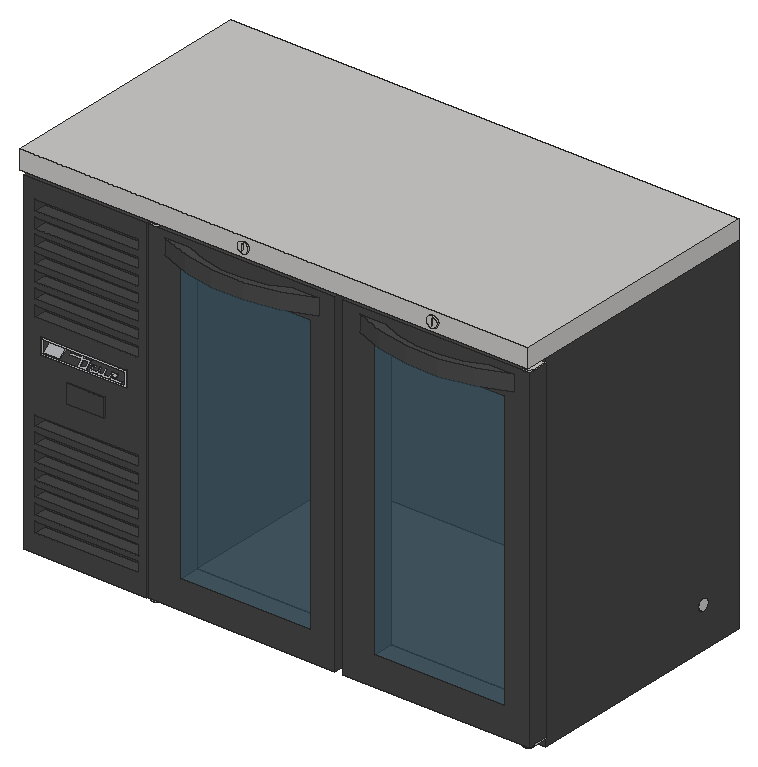
Revit family "QF_TRUE_TBR48-RISZ1-L-B-GG-1", category Specialty Equipment, Revit 2016
Family settings
  Part Type = Normal
  Round Connector Dimension = Use Diameter
  Work Plane-Based = No
  Always vertical = Yes
  Cut with Voids When Loaded = No
  Shared = No
  Room Calculation Point = No
Parameters (values of type "QF_TRUE_TBR48-RISZ1-L-B-GG-1")
  Weight in Pounds = 405
  Watts = if(Phase = 3, Volts * FL Amps * 1.73, Volts * FL Amps)  # 207 W
  Waste Water Discharge Temperature = 0 °F
  Volts = 115 V
  URL Cutsheet = ""
  Steam Supply Volume = 0 GPM
  Steam Supply Size = 0"
  Steam Supply RI Height = 0"
  Steam Supply Minimum Pressure = 0.00 psi
  Steam Supply Maximum Pressure = 0.00 psi
  Steam Supply Connection Height = 0"
  Specification by User = ""
  Specification by Manufacturer = ""
  Show Standard Unit [instance] = yes
  Show Logo [instance] = yes
  Show Leg Levelers [instance] = no
  Show Clearance [instance] = yes
  Show 1 Inch Rollers [instance] = no
  Show Seismic Flange [instance] = no
  Show 6 Inches Legs [instance] = no
  Show 5 Inches Castors [instance] = no
  Show 4 Inches Castors [instance] = no
  Show 3 Inches Castors [instance] = no
  Show 2 Inches Castors [instance] = no
  Serial Number = ""
  Seismic Rating = ""
  SMACNA No = ""
  Revision Code = ""
  Plumbing Remarks = ""
  Plumbing Connection Type = ""
  Phase = 1
  Number of Poles = 1
  NAFEM Spec ID Number = ""
  Model = "TBR48-RISZ1-L-B-GG-1"
  Min Ckt Ampacity = 0 A
  Mechanical Remarks = ""
  Mechanical Connection Type = ""
  Max Overcurrent Protection = 0 A
  Masterspec = ""
  Manufacturer = "TRUE"
  Length = 48"
  Item Number = ""
  Installed By = ""
  Indirect Waste Size = 1/2"
  Indirect Waste Flow = 0 GPM
  Indirect Waste Connection Type = ""
  Indirect Waste Connection Height = 0"
  Identify Quantity as Lot = yes
  Height [instance] = if(Show Standard Unit, 34 11/16", if(Show Leg Levelers, 34 15/16", if(Show 1 Inch Rollers, 35 9/16", if(Show 2 Inches Castors, 37 9/16", if(Show 3 Inches Castors, 38 9/16", if(Show 4 Inches Castors, 39 3/4", if(Show 5 Inches Castors, 40 3/4", if(Show 6 Inches Legs, 40 11/16", if(Show Seismic Flange, 40 11/16", 34 11/16")))))))))  # 34 11/16"
  HP = "1/4"
  Furnished By = ""
  Foodservice Equipment Identifier = yes
  FL Amps = 1.8 A
  Electrical Remarks = ""
  Electric Connection Type = ""
  Elec Conn RI Height = 0"
  Elec Conn Connection Height = 0"
  Description = "REACH-IN SINGLE ZONE REFRIGERATOR WITH LEFT SIDE REFRIGERATION SYSTEM. BLACK EXTERIOR AND GLASS SWING DOORS"
  Depth = 26 3/8"
  Cycle = 60 Hz
  Conn Plug = "NEMA 5-15P"
  Conn Conduit = yes
  Condensate Return Size = 1/2"
  Condensate Return RI Height = 0"
  Condensate Return Connection Height = 0"
  CSI MasterFormat = ""
  Apparent Power = if(Phase = 3, Volts * FL Amps * 1.73, Volts * FL Amps)  # 207 VA
Reference planes (in)
  plane 1 "BACK": y = 0
  plane 2: z = 0
  plane 3 "LEFT": x = 0
  plane 4 "RIGHT": x = 48
  plane 5 "FRONT": y = -26.375
  plane 6 "TOP": z = 34.6875
  plane 7 "Center Y": x = 24
  plane 8 "Center X": y = -13.1875
  plane 9: z = 32.9375
  plane 10: z = 0.78125
  plane 11: z = 32.46875
  plane 12: y = -41.59375
  plane 13: y = -24.84375
  plane 14: y = -24.65625
  plane 15: z = 0
  plane 16: x = 4.023
  plane 17: x = 43.977
Dimensions and locks (in)
  equal spacing: plane 3 "LEFT", plane 7 "Center Y", plane 4 "RIGHT"
  "Length": plane 3 "LEFT" to plane 4 "RIGHT"
  equal spacing: plane 5 "FRONT", plane 8 "Center X", plane 1 "BACK"
  "Depth": plane 5 "FRONT" to plane 1 "BACK"
  "Height": plane 6 "TOP" to level
  plane 3 "LEFT" to plane 4 "RIGHT" = 48"
  plane 6 "TOP" to plane 9 = 1 3/4"
  plane 10 to plane 2 = 25/32"
  plane 11 to plane 10 = 31 11/16"
  plane 6 "TOP" to plane 11 = 2 7/32"
  plane 12 to plane 1 "BACK" = 41 19/32"
  plane 5 "FRONT" to plane 1 "BACK" = 26 3/8"
  plane 13 to plane 1 "BACK" = 24 27/32"
  plane 14 to plane 1 "BACK" = 24 21/32"
  plane 1 "BACK" to plane 13 = 24 27/32"
  locked: plane 6 "TOP" to plane 15 at 34.6875
  aligned and locked: level to plane 2
  aligned and locked: plane 3 "LEFT" to nested 2
  aligned and locked: plane 1 "BACK" to nested 2
  aligned and locked: plane 6 "TOP" to nested 2
Nested families (in)
  nested 1: "CASTORS & LEGS" at (4, -4, 0), Show 3 Inches Castors <- "Show 3 Inches Castors", Show 4 Inches Castors <- "Show 4 Inches Castors", Show Legs <- "Show 6 Inches Legs", Show Legs with Flandge <- "Show Seismic Flange", Show 2 Inches Castors <- "Show 2 Inches Castors", Show 5 Inches Castors <- "Show 5 Inches Castors", Show Leg Levelers <- "Show Leg Levelers", Show 1 Inch Rollers <- "Show 1 Inch Rollers", type "CASTORS & LEGS"
    with Type Mark "", Status "", Specification by User "", Show Legs with Flandge no, Show Legs no, Show Leg Levelers no, Show 5 Inches Castors no, Show 4 Inches Castors no, Show 3 Inches Castors no, Show 2 Inches Castors no, Show 1 Inch Rollers no, Revision Code "", Item Number "", Installed By "", Identify Quantity as Lot yes, Furnished By "", Foodservice Equipment Identifier yes
  nested 2: "TBR48-RISZ1-L-B-GG-1" at (0, 0, 0), Show Logo <- "Show Logo", Show Clearance <- "Show Clearance", type "TBR48-RISZ1-L-B-GG-1"
    with Show Logo yes, Show Clearance yes
  nested 3: "CASTORS & LEGS" at (4, -18.75, 0), Show 3 Inches Castors <- "Show 3 Inches Castors", Show 4 Inches Castors <- "Show 4 Inches Castors", Show Legs <- "Show 6 Inches Legs", Show Legs with Flandge <- "Show Seismic Flange", Show 2 Inches Castors <- "Show 2 Inches Castors", Show 5 Inches Castors <- "Show 5 Inches Castors", Show Leg Levelers <- "Show Leg Levelers", Show 1 Inch Rollers <- "Show 1 Inch Rollers", type "CASTORS & LEGS"
    with Type Mark "", Status "", Specification by User "", Show Legs with Flandge no, Show Legs no, Show Leg Levelers no, Show 5 Inches Castors no, Show 4 Inches Castors no, Show 3 Inches Castors no, Show 2 Inches Castors no, Show 1 Inch Rollers no, Revision Code "", Item Number "", Installed By "", Identify Quantity as Lot yes, Furnished By "", Foodservice Equipment Identifier yes
  nested 4: "CASTORS & LEGS" at (43.954, -4, 0), Show 3 Inches Castors <- "Show 3 Inches Castors", Show 4 Inches Castors <- "Show 4 Inches Castors", Show Legs <- "Show 6 Inches Legs", Show Legs with Flandge <- "Show Seismic Flange", Show 2 Inches Castors <- "Show 2 Inches Castors", Show 5 Inches Castors <- "Show 5 Inches Castors", Show Leg Levelers <- "Show Leg Levelers", Show 1 Inch Rollers <- "Show 1 Inch Rollers", type "CASTORS & LEGS"
    with Type Mark "", Status "", Specification by User "", Show Legs with Flandge no, Show Legs no, Show Leg Levelers no, Show 5 Inches Castors no, Show 4 Inches Castors no, Show 3 Inches Castors no, Show 2 Inches Castors no, Show 1 Inch Rollers no, Revision Code "", Item Number "", Installed By "", Identify Quantity as Lot yes, Furnished By "", Foodservice Equipment Identifier yes
  nested 5: "CASTORS & LEGS" at (43.954, -18.75, 0), Show 3 Inches Castors <- "Show 3 Inches Castors", Show 4 Inches Castors <- "Show 4 Inches Castors", Show Legs <- "Show 6 Inches Legs", Show Legs with Flandge <- "Show Seismic Flange", Show 2 Inches Castors <- "Show 2 Inches Castors", Show 5 Inches Castors <- "Show 5 Inches Castors", Show Leg Levelers <- "Show Leg Levelers", Show 1 Inch Rollers <- "Show 1 Inch Rollers", type "CASTORS & LEGS"
    with Type Mark "", Status "", Specification by User "", Show Legs with Flandge no, Show Legs no, Show Leg Levelers no, Show 5 Inches Castors no, Show 4 Inches Castors no, Show 3 Inches Castors no, Show 2 Inches Castors no, Show 1 Inch Rollers no, Revision Code "", Item Number "", Installed By "", Identify Quantity as Lot yes, Furnished By "", Foodservice Equipment Identifier yes
Connectors (in)
  electrical at (6, 0.25, 18), driven by "Volts", driven by "Watts"
    settings: on nested 2, index 5, voltage 115 V, apparent load 207 VA, apparent load phase1 0 VA, apparent load phase2 0 VA, apparent load phase3 0 VA, power factor 1, load classification "Other", number of poles 1, system type 30, power factor state 1, is connector primary yes, connector utility no, sub classification motor no, connector description ""
  piping at (38.5, -4.34375, 0), diameter 0.5, driven by "Indirect Waste Size"
    settings: on nested 2, index 6, connector inside diameter 24", connector length 0", flow factor 0, pipe flow 0 GPM, pressure drop 0.00 psi, fitting loss kfactor 0, connector angle 0.00°, fixture units 0, engagement length 0", angle of deflection 0.00°, flow configuration 1, flow direction 2, fitting loss method 0, system type 16, joint type 0, gender type 0, connector reference index -1, connector utility 0, adjustable connector no, is connector primary yes, connector description "DRAIN"
  piping at (16.75, -4.96875, 0), diameter 0.5, driven by "Indirect Waste Size"
    settings: on nested 2, index 7, connector inside diameter 24", connector length 0", flow factor 0, pipe flow 0 GPM, pressure drop 0.00 psi, fitting loss kfactor 0, connector angle 0.00°, fixture units 0, engagement length 0", angle of deflection 0.00°, flow configuration 1, flow direction 2, fitting loss method 0, system type 16, joint type 0, gender type 0, connector reference index -1, connector utility 0, adjustable connector no, is connector primary no, connector description "FLOOR ACCESS"
  piping at (48.125, -4.3125, 3.96875), diameter 0.5, driven by "Condensate Return Size"
    settings: on nested 2, index 8, connector inside diameter 24", connector length 0", flow factor 0, pipe flow 0 GPM, pressure drop 0.00 psi, fitting loss kfactor 0, connector angle 0.00°, fixture units 0, engagement length 0", angle of deflection 0.00°, flow configuration 1, flow direction 1, fitting loss method 0, system type 7, joint type 0, gender type 0, connector reference index -1, connector utility 0, adjustable connector no, is connector primary no, connector description "CONDENSING UNIT"
Definition of nested family "TBR48-RISZ1-L-B-GG-1"
  Parameters (values of type "TBR48-RISZ1-L-B-GG-1")
    Weight in Pounds = 405
    Watts = if(Phase = 3, Volts * FL Amps * 1.73, Volts * FL Amps)  # 207 W
    Waste Water Discharge Temperature = 0 °F
    Volts = 115 V
    URL Cutsheet = ""
    Steam Supply Volume = 0 GPM
    Steam Supply Size = 0"
    Steam Supply RI Height = 0"
    Steam Supply Minimum Pressure = 0.00 psi
    Steam Supply Maximum Pressure = 0.00 psi
    Steam Supply Connection Height = 0"
    Specification by User = ""
    Specification by Manufacturer = ""
    Show Logo [instance] = yes
    Show Clearance [instance] = yes
    Serial Number = ""
    Seismic Rating = ""
    SMACNA No = ""
    Revision Code = ""
    Plumbing Remarks = ""
    Plumbing Connection Type = ""
    Phase = 1
    Number of Poles = 1
    NAFEM Spec ID Number = ""
    Model = "TBR48-RISZ1-L-B-GG-1"
    Min Ckt Ampacity = 0 A
    Mechanical Remarks = ""
    Mechanical Connection Type = ""
    Max Overcurrent Protection = 0 A
    Masterspec = ""
    Manufacturer = "TRUE"
    Length = 48"
    Item Number = ""
    Installed By = ""
    Indirect Waste Size = 1/2"
    Indirect Waste Flow = 0 GPM
    Indirect Waste Connection Type = ""
    Indirect Waste Connection Height = 0"
    Identify Quantity as Lot = yes
    Height = 34 11/16"
    HP = "1/4"
    Furnished By = ""
    Foodservice Equipment Identifier = yes
    FL Amps = 1.8 A
    Electrical Remarks = ""
    Electric Connection Type = ""
    Elec Conn RI Height = 0"
    Elec Conn Connection Height = 0"
    Description = "REACH-IN SINGLE ZONE REFRIGERATOR WITH LEFT SIDE REFRIGERATION SYSTEM. BLACK EXTERIOR AND GLASS SWING DOORS"
    Depth = 26 3/8"
    Cycle = 60 Hz
    Conn Plug = "NEMA 5-15P"
    Conn Conduit = yes
    Condensate Return Size = 1/2"
    Condensate Return RI Height = 0"
    Condensate Return Connection Height = 0"
    CSI MasterFormat = ""
    Apparent Power = if(Phase = 3, Volts * FL Amps * 1.73, Volts * FL Amps)  # 207 VA
  Reference planes (in)
    plane 1 "BACK": y = 0
    plane 2: z = 0
    plane 3 "LEFT": x = 0
    plane 4 "RIGHT": x = 48
    plane 5 "FRONT": y = -26.375
    plane 6 "TOP": z = 34.6875
    plane 7 "Center Y": x = 24
    plane 8 "Center X": y = -13.1875
    plane 9: z = 32.9375
    plane 10: z = 0.78125
    plane 11: z = 32.46875
    plane 12: y = -41.59375
    plane 13: y = -24.84375
    plane 14: y = -24.65625
  Forms (in)
    Extrusion 1, solid
      sketch origin (0, 0, 0) x (0, 1, 0) y (0, 0, 1)
        loop
          line (-24.84375, 34.6875) -> (-24.84375, 32.9375) -> (0, 32.9375) -> (0, 34.6875) -> (-24.84375, 34.6875)
      from 0 to 48
    Extrusion 2, solid
      sketch origin (0, 0, 0) x (1, 0, 0) y (0, 0, 1)
        loop
          line (0, 32.9375) -> (0, 0) -> (48, 0) -> (48, 32.9375) -> (0, 32.9375)
        loop
          line (12, 32.46875) -> (12, 0.78125) -> (47.875, 0.78125) -> (47.875, 32.46875) -> (12, 32.46875)
      from 0 to 22.75
    Extrusion 3, solid
      sketch origin (0, 0, 0) x (-1, 0, 0) y (0, 0, 1)
        loop
          line (-12, 32.46875) -> (-47.875, 32.46875) -> (-47.875, 0.78125) -> (-12, 0.78125) -> (-12, 32.46875)
      from 0 to -2
    Extrusion 4, solid
      sketch origin (0, -22.75, 0) x (1, 0, 0) y (0, 0, 1)
        loop
          line (0.20313, 0.78125) -> (11.79688, 0.78125) -> (11.79688, 32.46875) -> (0.20313, 32.46875) -> (0.20313, 0.78125)
        loop
          line (1.28286, 30.81709) -> (1.28286, 29.81709) -> (11.03286, 29.81709) -> (11.03286, 30.81709) -> (1.28286, 30.81709)
        loop
          line (1.28286, 29.31709) -> (1.28286, 28.31709) -> (11.03286, 28.31709) -> (11.03286, 29.31709) -> (1.28286, 29.31709)
        loop
          line (1.28286, 27.81709) -> (1.28286, 26.81709) -> (11.03286, 26.81709) -> (11.03286, 27.81709) -> (1.28286, 27.81709)
        loop
          line (1.28286, 26.31709) -> (1.28286, 25.31709) -> (11.03286, 25.31709) -> (11.03286, 26.31709) -> (1.28286, 26.31709)
        loop
          line (1.28286, 24.81709) -> (1.28286, 23.81709) -> (11.03286, 23.81709) -> (11.03286, 24.81709) -> (1.28286, 24.81709)
        loop
          line (1.28286, 21.81709) -> (1.28286, 20.81709) -> (11.03286, 20.81709) -> (11.03286, 21.81709) -> (1.28286, 21.81709)
        loop
          line (1.28286, 23.31709) -> (1.28286, 22.31709) -> (11.03286, 22.31709) -> (11.03286, 23.31709) -> (1.28286, 23.31709)
        loop
          line (1.28286, 12.56709) -> (1.28286, 11.56709) -> (11.03286, 11.56709) -> (11.03286, 12.56709) -> (1.28286, 12.56709)
        loop
          line (1.28286, 11.06709) -> (1.28286, 10.06709) -> (11.03286, 10.06709) -> (11.03286, 11.06709) -> (1.28286, 11.06709)
        loop
          line (1.28286, 9.56709) -> (1.28286, 8.56709) -> (11.03286, 8.56709) -> (11.03286, 9.56709) -> (1.28286, 9.56709)
        loop
          line (1.28286, 8.06709) -> (1.28286, 7.06709) -> (11.03286, 7.06709) -> (11.03286, 8.06709) -> (1.28286, 8.06709)
        loop
          line (1.28286, 6.56709) -> (1.28286, 5.56709) -> (11.03286, 5.56709) -> (11.03286, 6.56709) -> (1.28286, 6.56709)
        loop
          line (1.28286, 3.56709) -> (1.28286, 2.56709) -> (11.03286, 2.56709) -> (11.03286, 3.56709) -> (1.28286, 3.56709)
        loop
          line (1.28286, 5.06709) -> (1.28286, 4.06709) -> (11.03286, 4.06709) -> (11.03286, 5.06709) -> (1.28286, 5.06709)
      from 0.125 to 1.90625
    Extrusion 5, solid
      sketch origin (0, -22.75, 0) x (1, 0, 0) y (0, 0, 1)
        loop
          line (12, 0.78125) -> (29.625, 0.78125) -> (29.625, 32.46875) -> (12, 32.46875) -> (12, 0.78125)
        loop
          line (48, 0.78125) -> (48, 32.46875) -> (30.375, 32.46875) -> (30.375, 0.78125) -> (48, 0.78125)
        loop
          line (15.01987, 29.73137) -> (15.01987, 3.48137) -> (27.26987, 3.48137) -> (27.26987, 29.73137) -> (15.01987, 29.73137)
        loop
          line (33.39487, 29.73137) -> (33.39487, 3.48137) -> (45.64487, 3.48137) -> (45.64487, 29.73137) -> (33.39487, 29.73137)
      from 0 to 1.90625
    Extrusion 6, solid
      sketch origin (0, -22.75, 0) x (1, 0, 0) y (0, 0, 1)
        loop
          line (15.01987, 29.73137) -> (15.01987, 3.48137) -> (27.26987, 3.48137) -> (27.26987, 29.73137) -> (15.01987, 29.73137)
        loop
          line (33.39487, 29.73137) -> (33.39487, 3.48137) -> (45.64487, 3.48137) -> (45.64487, 29.73137) -> (33.39487, 29.73137)
      from 0 to 1.90625
    Extrusion 7, solid
      sketch origin (29, -22.75, 32.46875) x (-1, 0, 0) y (0, -1, 0)
        loop
          arc (15.44956, 1.90625) -> (8.1875, 3.65113) -> (0.92544, 1.90625) r 15.9845
          line (0.92544, 1.90625) -> (3.19585, 1.90625)
          arc (3.19585, 1.90625) -> (8.1875, 3.15287) -> (13.17915, 1.90625) r 10.61701
          line (13.17915, 1.90625) -> (15.44956, 1.90625)
        loop
          arc (-2.92544, 1.90625) -> (-10.1875, 3.65113) -> (-17.44956, 1.90625) r 15.9845
          line (-17.44956, 1.90625) -> (-15.17915, 1.90625)
          arc (-15.17915, 1.90625) -> (-10.1875, 3.15287) -> (-5.19585, 1.90625) r 10.61701
          line (-5.19585, 1.90625) -> (-2.92544, 1.90625)
      from -2.11784 to -0.60631
    Extrusion 8, solid
      sketch origin (0, -24.65625, 0) x (1, 0, 0) y (0, 0, 1)
        loop
          line (4.36462, 16.37472) -> (4.36462, 14.62472) -> (7.86462, 14.62472) -> (7.86462, 16.37472) -> (4.36462, 16.37472)
      from 0 to 0.125
    Extrusion 9, solid
      sketch origin (0, -24.84375, 34.4375) x (0, 0, 1) y (-1, 0, 0)
        loop
          circle (-0.65572, -21.12293) r 0.5
        loop
          line (-0.32569, -21.0603) -> (-0.96744, -21.0603) -> (-0.96744, -21.2) -> (-0.32569, -21.2) -> (-0.32569, -21.0603)
        loop
          circle (-0.65572, -39.02918) r 0.5
        loop
          line (-0.32569, -38.96655) -> (-0.96744, -38.96655) -> (-0.96744, -39.10625) -> (-0.32569, -39.10625) -> (-0.32569, -38.96655)
      from 0 to 0.125
    Extrusion 10, solid
      sketch origin (0, -22.75, 0) x (1, 0, 0) y (0, 0, 1)
        loop
          line (1.28286, 30.81709) -> (1.28286, 29.81709) -> (11.03286, 29.81709) -> (11.03286, 30.81709) -> (1.28286, 30.81709)
        loop
          line (1.28286, 29.31709) -> (1.28286, 28.31709) -> (11.03286, 28.31709) -> (11.03286, 29.31709) -> (1.28286, 29.31709)
        loop
          line (1.28286, 27.81709) -> (1.28286, 26.81709) -> (11.03286, 26.81709) -> (11.03286, 27.81709) -> (1.28286, 27.81709)
        loop
          line (1.28286, 26.31709) -> (1.28286, 25.31709) -> (11.03286, 25.31709) -> (11.03286, 26.31709) -> (1.28286, 26.31709)
        loop
          line (1.28286, 24.81709) -> (1.28286, 23.81709) -> (11.03286, 23.81709) -> (11.03286, 24.81709) -> (1.28286, 24.81709)
        loop
          line (1.28286, 21.81709) -> (1.28286, 20.81709) -> (11.03286, 20.81709) -> (11.03286, 21.81709) -> (1.28286, 21.81709)
        loop
          line (1.28286, 23.31709) -> (1.28286, 22.31709) -> (11.03286, 22.31709) -> (11.03286, 23.31709) -> (1.28286, 23.31709)
        loop
          line (1.28286, 12.56709) -> (1.28286, 11.56709) -> (11.03286, 11.56709) -> (11.03286, 12.56709) -> (1.28286, 12.56709)
        loop
          line (1.28286, 11.06709) -> (1.28286, 10.06709) -> (11.03286, 10.06709) -> (11.03286, 11.06709) -> (1.28286, 11.06709)
        loop
          line (1.28286, 9.56709) -> (1.28286, 8.56709) -> (11.03286, 8.56709) -> (11.03286, 9.56709) -> (1.28286, 9.56709)
        loop
          line (1.28286, 8.06709) -> (1.28286, 7.06709) -> (11.03286, 7.06709) -> (11.03286, 8.06709) -> (1.28286, 8.06709)
        loop
          line (1.28286, 6.56709) -> (1.28286, 5.56709) -> (11.03286, 5.56709) -> (11.03286, 6.56709) -> (1.28286, 6.56709)
        loop
          line (1.28286, 3.56709) -> (1.28286, 2.56709) -> (11.03286, 2.56709) -> (11.03286, 3.56709) -> (1.28286, 3.56709)
        loop
          line (1.28286, 5.06709) -> (1.28286, 4.06709) -> (11.03286, 4.06709) -> (11.03286, 5.06709) -> (1.28286, 5.06709)
      from 0.125 to 0.7394
    Extrusion 11, solid
      sketch origin (48, 0, 0) x (0, 1, 0) y (1, 0, 0)
        loop
          circle (-4.96875, -31.25) r 0.625
        loop
          circle (-4.34375, -9.5) r 0.5
      from 0 to -0.48808
    Extrusion 12, solid
      sketch origin (48, 0, 32.9375) x (0, 0, -1) y (0, 1, 0)
        loop
          circle (28.96875, -4.3125) r 0.5
      from 0 to 0.125
    Extrusion 13, solid
      sketch origin (31, -22.75, 32.46875) x (1, 0, 0) y (0, 1, 0)
        loop
          line (17, -1.45442) -> (17, 0) -> (15.64487, 0) -> (16.12932, -1.58454)
          arc (16.12932, -1.58454) -> (16.62072, -1.8946) -> (17, -1.45442) r 0.44506
        loop
          arc (-19, -1.45442) -> (-18.62072, -1.8946) -> (-18.12932, -1.58454) r 0.44506
          line (-18.12932, -1.58454) -> (-17.64487, 0) -> (-19, 0) -> (-19, -1.45442)
      from 0 to 0.125
    Extrusion 14, solid
      sketch origin (48, -22.75, 0.78125) x (0, 1, 0) y (1, 0, 0)
        loop
          arc (-1.45442, 0) -> (-1.8946, -0.37928) -> (-1.58454, -0.87068) r 0.44506
          line (-1.58454, -0.87068) -> (0, -1.35513) -> (0, 0) -> (-1.45442, 0)
        loop
          line (-1.45442, -36) -> (0, -36) -> (0, -34.64487) -> (-1.58454, -35.12932)
          arc (-1.58454, -35.12932) -> (-1.8946, -35.62072) -> (-1.45442, -36) r 0.44506
      from 0 to 0.125
    Extrusion 15, solid, visible <- "Show Clearance", detail levels coarse
      sketch origin (48, -22.75, 0.78125) x (0, 1, 0) y (1, 0, 0)
        loop
          line (-1.90625, 0) -> (-18.84375, 0)
          arc (-18.84375, 0) -> (-14.15476, -12.44482) -> (-1.90625, -17.625) r 16.86899
          line (-1.90625, -17.625) -> (-1.90625, 0)
        loop
          line (-1.90625, -36) -> (-1.90625, -18.375)
          arc (-1.90625, -18.375) -> (-14.15476, -23.55518) -> (-18.84375, -36) r 16.86899
          line (-18.84375, -36) -> (-1.90625, -36)
      from 0 to -31.6875
    Extrusion 16, solid
      sketch origin (0, 0, 0) x (-1, 0, 0) y (0, 0, 1)
        loop
          line (0, 0) -> (0, 19.4375) -> (-10.96875, 19.4375) -> (-10.96875, 0) -> (0, 0)
      from 0 to 0.125
    Extrusion 17, solid
      sketch origin (0, 0, 0) x (-1, 0, 0) y (0, 0, 1)
        loop
          circle (-6, 18) r 0.5
        loop
          circle (-6, 21.75) r 0.5
      from 0 to 0.25
  Cuts and joins
    joined: Extrusion 16, Extrusion 17
    joined: Extrusion 2, Extrusion 3
  Lines and regions (in)
    symbolic lines
      curve 1: line (0, 0, 0) -> (48, 0, 0)
      curve 2: line (0, -24.84375, 0) -> (0, 0, 0)
      curve 3: line (48, -24.84375, 0) -> (0, -24.84375, 0)
      curve 4: line (48, 0, 0) -> (48, -24.84375, 0)
      curve 5: arc (43.81001, -24.84375, 0) -> (39.1875, -25.90287, 0) -> (34.56499, -24.84375, 0) r 10.61701
      curve 6: arc (32.30546, -24.84375, 0) -> (39.1875, -26.40113, 0) -> (46.06954, -24.84375, 0) r 15.9845
      curve 7: arc (13.93046, -24.84375, 0) -> (20.8125, -26.40113, 0) -> (27.69454, -24.84375, 0) r 15.9845
      curve 8: arc (25.43501, -24.84375, 0) -> (20.8125, -25.90287, 0) -> (16.18999, -24.84375, 0) r 10.61701
      curve 9: arc (29.62491, -24.84375, 0) -> (28.99668, -29.30357, 0) -> (27.21078, -33.4382, 0) r 16.86899
      curve 10: line (12.32476, -24.84375, 0) -> (27.21078, -33.4382, 0)
      curve 11: arc (32.78922, -33.4382, 0) -> (31.00332, -29.30357, 0) -> (30.37509, -24.84375, 0) r 16.86899
      curve 12: line (32.78922, -33.4382, 0) -> (47.67524, -24.84375, 0)
  Dimensions and locks (in)
    equal spacing: plane 3 "LEFT", plane 7 "Center Y", plane 4 "RIGHT"
    "Length": plane 3 "LEFT" to plane 4 "RIGHT"
    equal spacing: plane 5 "FRONT", plane 8 "Center X", plane 1 "BACK"
    "Depth": plane 5 "FRONT" to plane 1 "BACK"
    "Height": plane 6 "TOP" to level
    plane 3 "LEFT" to plane 4 "RIGHT" = 48"
    plane 6 "TOP" to plane 9 = 1 3/4"
    plane 10 to plane 2 = 25/32"
    plane 11 to plane 10 = 31 11/16"
    plane 6 "TOP" to plane 11 = 2 7/32"
    plane 12 to plane 1 "BACK" = 41 19/32"
    plane 5 "FRONT" to plane 1 "BACK" = 26 3/8"
    plane 13 to plane 1 "BACK" = 24 27/32"
    Extrusion 4 to plane 1 "BACK" = 24 21/32"
    plane 14 to plane 1 "BACK" = 24 21/32"
    plane 3 "LEFT" to Extrusion 11 sketch curve = 16 3/4"
    Extrusion 11 sketch curve to plane 1 "BACK" = 4 31/32"
    Extrusion 11 sketch curve to plane 4 "RIGHT" = 9"
    Extrusion 11 sketch curve to plane 1 "BACK" = 4 11/32"
    Extrusion 12 sketch curve to plane 2 = 3 31/32"
    Extrusion 12 sketch curve to plane 1 "BACK" = 4 5/16"
    Extrusion 4 to Extrusion 4 = 11 19/32"
    plane 1 "BACK" to plane 13 = 24 27/32"
    Extrusion 17 sketch curve to plane 3 "LEFT" = 6"
    plane 2 to Extrusion 17 sketch curve = 18 1/2"
    aligned and locked: level to plane 2
  Automatic sketch dimensions
    Extrusion 1 sketch curve to plane 9 = 0"
    Extrusion 1 sketch curve to plane 13 = 0"
    Extrusion 1 sketch curve to plane 1 "BACK" = 0"
    Extrusion 1 sketch curve to plane 6 "TOP" = 0"
    Extrusion 2 sketch curve to level = 0"
    Extrusion 2 sketch curve to plane 3 "LEFT" = 0"
    Extrusion 2 sketch curve to plane 10 = 0"
    Extrusion 2 sketch curve to plane 11 = 0"
    plane 4 "RIGHT" to Extrusion 2 sketch curve = 0"
    Extrusion 2 sketch curve to plane 9 = 0"
    plane 3 "LEFT" to Extrusion 2 sketch curve = 12"
    plane 4 "RIGHT" to Extrusion 2 sketch curve = 1/8"
    Extrusion 3 sketch curve to Extrusion 2 = 0"  (x3)
    Extrusion 2 to Extrusion 3 sketch curve = 0"
    Extrusion 4 sketch curve to Extrusion 2 = 0"  (x2)
    Extrusion 4 sketch curve to Extrusion 2 = 13/64"  (x2)
    Extrusion 4 sketch curve to Extrusion 2 = 1.28286"  (x4)
    Extrusion 4 sketch curve to Extrusion 4 sketch curve = 0"  (x20)
    Extrusion 4 sketch curve to Extrusion 2 = 0.96714"  (x4)
    Extrusion 2 to Extrusion 4 sketch curve = 1.78584"
    Extrusion 4 sketch curve to Extrusion 4 sketch curve = 1"  (x14)
    Extrusion 4 sketch curve to Extrusion 4 sketch curve = 1/2"  (x12)
    Extrusion 4 sketch curve to Extrusion 4 sketch curve = 8 1/4"
    Extrusion 5 sketch curve to Extrusion 2 = 0"  (x6)
    Extrusion 2 to Extrusion 5 sketch curve = 3.01987"
    Extrusion 2 to Extrusion 5 sketch curve = 2.70012"  (x2)
    Extrusion 5 sketch curve to Extrusion 5 sketch curve = 12 1/4"
    Extrusion 5 sketch curve to Extrusion 5 sketch curve = 2.35513"
    Extrusion 5 sketch curve to Extrusion 5 sketch curve = 3/4"
    Extrusion 5 sketch curve to Extrusion 5 sketch curve = 3.01987"
    Extrusion 2 to Extrusion 5 sketch curve = 2.23013"
    Extrusion 2 to Extrusion 5 sketch curve = 2.73738"  (x2)
    Extrusion 2 to Extrusion 6 sketch curve = 3.01987"
    Extrusion 2 to Extrusion 6 sketch curve = 2.70012"  (x2)
    Extrusion 6 sketch curve to Extrusion 6 sketch curve = 12 1/4"
    Extrusion 2 to Extrusion 6 sketch curve = 2.73738"  (x2)
    Extrusion 6 sketch curve to Extrusion 6 sketch curve = 6 1/8"
    Extrusion 2 to Extrusion 6 sketch curve = 2.23013"
    Extrusion 5 to Extrusion 7 sketch curve = 0"  (x2)
    Extrusion 7 sketch curve to Extrusion 5 = 0"  (x2)
    Extrusion 7 sketch curve to Extrusion 5 = 16.82456"
    Extrusion 7 sketch curve to Extrusion 7 sketch curve = 2.2704"  (x2)
    Extrusion 7 sketch curve to Extrusion 5 = 9 9/16"
    Extrusion 7 sketch curve to Extrusion 7 sketch curve = 0"  (x2)
    Extrusion 5 to Extrusion 7 sketch curve = 1.55044"
    Extrusion 5 to Extrusion 7 sketch curve = 8 13/16"
    Extrusion 7 sketch curve to Extrusion 5 = 7.46414"  (x2)
    Extrusion 7 sketch curve to Extrusion 7 sketch curve = 4.86923"  (x2)
    Extrusion 4 to Extrusion 8 sketch curve = 3.08176"
    Extrusion 4 to Extrusion 8 sketch curve = 3.16824"
    Extrusion 8 sketch curve to Extrusion 4 = 2.05764"
    Extrusion 8 sketch curve to Extrusion 8 sketch curve = 1 3/4"
    Extrusion 9 sketch curve to Extrusion 1 = 0.53256"  (x2)
    Extrusion 9 sketch curve to Extrusion 9 sketch curve = 0.31172"  (x2)
    Extrusion 9 sketch curve to Extrusion 9 sketch curve = 0.33003"  (x2)
    Extrusion 1 to Extrusion 9 sketch curve = 8.89375"
    Extrusion 9 sketch curve to Extrusion 9 sketch curve = 0.07707"  (x2)
    Extrusion 9 sketch curve to Extrusion 9 sketch curve = 0.1397"  (x2)
    Extrusion 9 sketch curve to Extrusion 9 sketch curve = 17.76655"
    Extrusion 10 sketch curve to Extrusion 2 = 1.28286"  (x4)
    Extrusion 10 sketch curve to Extrusion 10 sketch curve = 0"  (x20)
    Extrusion 10 sketch curve to Extrusion 2 = 0.96714"  (x4)
    Extrusion 2 to Extrusion 10 sketch curve = 1.78584"
    Extrusion 10 sketch curve to Extrusion 10 sketch curve = 1"  (x14)
    Extrusion 10 sketch curve to Extrusion 10 sketch curve = 1/2"  (x12)
    Extrusion 10 sketch curve to Extrusion 10 sketch curve = 8 1/4"
    Extrusion 2 to Extrusion 11 sketch curve = 9 1/2"
    Extrusion 13 sketch curve to Extrusion 5 = 0"  (x2)
    Extrusion 5 to Extrusion 13 sketch curve = 0"
    Extrusion 5 to Extrusion 13 sketch curve = 0.44506"
    Extrusion 5 to Extrusion 13 sketch curve = 0.32171"  (x2)
    Extrusion 13 sketch curve to Extrusion 13 sketch curve = 0.42562"  (x2)
    Extrusion 5 to Extrusion 13 sketch curve = 1.35513"
    Extrusion 5 to Extrusion 13 sketch curve = 17.01987"
    Extrusion 13 sketch curve to Extrusion 13 sketch curve = 0.48444"
    Extrusion 13 sketch curve to Extrusion 13 sketch curve = 1.35513"
    Extrusion 14 sketch curve to Extrusion 5 = 0"  (x3)
    Extrusion 14 sketch curve to Extrusion 5 = 0.45183"  (x2)
    Extrusion 14 sketch curve to Extrusion 5 = 0.32171"  (x2)
    Extrusion 5 to Extrusion 14 sketch curve = 0.44506"
    Extrusion 14 sketch curve to Extrusion 14 sketch curve = 1.35513"
    Extrusion 14 sketch curve to Extrusion 5 = 17.01987"
    Extrusion 14 sketch curve to Extrusion 14 sketch curve = 0.48444"
    Extrusion 14 sketch curve to Extrusion 14 sketch curve = 0.42562"
    Extrusion 15 sketch curve to Extrusion 5 = 0"  (x4)
    Extrusion 5 to Extrusion 15 sketch curve = 0.08547"  (x2)
    Extrusion 15 sketch curve to Extrusion 15 sketch curve = 16.85203"  (x2)
    Extrusion 15 sketch curve to Extrusion 15 sketch curve = 3/4"
    Extrusion 15 sketch curve to Extrusion 15 sketch curve = 16.86877"
    curve 3 to plane 3 "LEFT" = 0"
    plane 12 to curve 9 = 8.15555"
    plane 14 to curve 10 = 3/16"
    curve 7 to plane 13 = 0"  (x2)
    curve 8 to plane 13 = 0"  (x2)
    plane 14 to curve 9 = 3/16"
    plane 14 to curve 11 = 3/16"
    curve 6 to plane 13 = 0"  (x2)
    curve 5 to plane 13 = 0"  (x2)
    curve 4 to plane 4 "RIGHT" = 0"
    curve 3 to plane 13 = 0"
    plane 14 to curve 12 = 3/16"
    plane 1 "BACK" to curve 2 = 0"
    plane 14 to curve 9 = 0.08547"
    curve 9 to plane 7 "Center Y" = 11.24377"
    curve 8 to plane 7 "Center Y" = 3 3/16"
    curve 7 to plane 7 "Center Y" = 3 3/16"
    plane 7 "Center Y" to curve 12 = 8.78922"
    curve 5 to plane 8 "Center X" = 2.09836"
    plane 4 "RIGHT" to curve 5 = 8 13/16"
    curve 6 to curve 5 = 0"
    plane 14 to curve 11 = 0.08547"
    plane 4 "RIGHT" to curve 11 = 0.75623"
    plane 5 "FRONT" to curve 12 = 7.0632"
    curve 8 to plane 8 "Center X" = 2.09836"
    plane 8 "Center X" to curve 6 = 2.77087"
    plane 8 "Center X" to curve 7 = 2.77087"
    curve 10 to curve 9 = 0.43147"
    curve 9 to curve 7 = 1.17423"
    curve 7 to curve 8 = 2.25953"
    curve 11 to curve 6 = 1.93037"
    curve 6 to curve 5 = 2.25953"
    curve 10 to curve 11 = 5.57844"
    plane 4 "RIGHT" to curve 12 = 0.32476"
    Extrusion 16 sketch curve to Extrusion 2 = 0"
    Extrusion 2 to Extrusion 16 sketch curve = 0"
    Extrusion 16 sketch curve to Extrusion 2 = 1 1/32"
    Extrusion 2 to Extrusion 16 sketch curve = 18 21/32"
    Extrusion 17 sketch curve to Extrusion 17 sketch curve = 0"
    Extrusion 2 to Extrusion 17 sketch curve = 14 15/32"
    Extrusion 17 sketch curve to Extrusion 17 sketch curve = 3 3/4"
    radius of Extrusion 9 sketch curve = 1/2"  (x2)
    radius of Extrusion 11 sketch curve = 5/8"
    radius of Extrusion 12 sketch curve = 1/2"
    radius of Extrusion 17 sketch curve = 1/2"
  Nested families (in)
    nested 1: "QF_LOGO_TRUE" at (1.85445, -24.65625, 17.85445), visible <- "Show Logo", type "QF_LOGO_TRUE", detail levels medium+fine
      with Show Logo yes
  Connectors (in)
    electrical at (6, 0.25, 18)
      settings: on cut or joined group of Extrusion 16, Extrusion 17, index 1, voltage 0 V, apparent load 0 VA, apparent load phase1 0 VA, apparent load phase2 0 VA, apparent load phase3 0 VA, power factor 1, load classification none, number of poles 1, system type 31, power factor state 1, is connector primary yes, connector utility no, sub classification motor no, connector description ""
    piping at (38.5, -4.34375, 0), diameter 0.5
      settings: on Extrusion 11, index 2, connector inside diameter 24", connector length 0", flow factor 0, pipe flow 0 GPM, pressure drop 0.00 psi, fitting loss kfactor 0, connector angle 0.00°, fixture units 0, engagement length 0", angle of deflection 0.00°, flow configuration 0, flow direction 0, fitting loss method 0, system type 19, joint type 0, gender type 0, connector reference index -1, connector utility 0, adjustable connector no, is connector primary yes, connector description ""
    piping at (16.75, -4.96875, 0), diameter 1
      settings: on Extrusion 11, index 3, connector inside diameter 24", connector length 0", flow factor 0, pipe flow 0 GPM, pressure drop 0.00 psi, fitting loss kfactor 0, connector angle 0.00°, fixture units 0, engagement length 0", angle of deflection 0.00°, flow configuration 0, flow direction 0, fitting loss method 0, system type 19, joint type 0, gender type 0, connector reference index -1, connector utility 0, adjustable connector no, is connector primary no, connector description ""
    piping at (48.125, -4.3125, 3.96875), diameter 0.5
      settings: on Extrusion 12, index 4, connector inside diameter 24", connector length 0", flow factor 0, pipe flow 0 GPM, pressure drop 0.00 psi, fitting loss kfactor 0, connector angle 0.00°, fixture units 0, engagement length 0", angle of deflection 0.00°, flow configuration 0, flow direction 0, fitting loss method 0, system type 19, joint type 0, gender type 0, connector reference index -1, connector utility 0, adjustable connector no, is connector primary no, connector description ""
  Definition of nested family "QF_LOGO_TRUE"
    Parameters (values of type "QF_LOGO_TRUE")
      Show Logo [instance] = yes
    Reference planes (in)
      plane 1 "Center (Front/Back)": y = 0
      plane 2: z = 0
      plane 3 "Center (Left/Right)": x = 0
    Forms (in)
      Extrusion 1, solid, visible <- "Show Logo"
        sketch origin (-78.34647, 34.76905, -30.51001) x (1, 0, 0) y (0, 0, 1)
          loop
            line (81.15226, 31.65456) -> (81.07353, 31.48573) -> (82.12083, 31.48573)
            arc (82.12083, 31.48573) -> (82.14208, 31.44814) -> (82.12083, 31.41055) r 0.04386
            line (82.12083, 31.41055) -> (81.84767, 30.82478)
            arc (81.84767, 30.82478) -> (81.84531, 30.77052) -> (81.882, 30.73048) r 0.07096
            line (81.882, 30.73048) -> (82.55165, 30.73048)
            arc (82.55165, 30.73048) -> (82.63621, 30.75714) -> (82.69019, 30.82748) r 0.14742
            line (82.69019, 30.82748) -> (82.90515, 31.28847) -> (83.10265, 31.28847)
            arc (83.10265, 31.28847) -> (83.15447, 31.26942) -> (83.14697, 31.21472) r 0.04405
            line (83.14697, 31.21472) -> (82.9671, 30.82899)
            arc (82.9671, 30.82899) -> (82.9699, 30.76493) -> (83.02398, 30.73048) r 0.06943
            line (83.02398, 30.73048) -> (83.6124, 30.73048)
            arc (83.6124, 30.73048) -> (83.65748, 30.74689) -> (83.68147, 30.78844) r 0.07014
            arc (83.68147, 30.78844) -> (83.69845, 30.74745) -> (83.73943, 30.73048) r 0.05796
            line (83.73943, 30.73048) -> (84.112, 30.73048)
            arc (84.112, 30.73048) -> (84.15504, 30.74201) -> (84.18655, 30.77352) r 0.08608
            arc (84.18655, 30.77352) -> (84.20164, 30.7371) -> (84.23806, 30.72202) r 0.0515
            line (84.23806, 30.72202) -> (84.76757, 30.72202)
            arc (84.76757, 30.72202) -> (84.81086, 30.73995) -> (84.8288, 30.78324) r 0.06122
            arc (84.8288, 30.78324) -> (84.86848, 30.74355) -> (84.92269, 30.72903) r 0.10842
            line (84.92269, 30.72903) -> (85.91461, 30.72903) -> (86.02479, 30.91987) -> (85.0243, 30.91987)
            arc (85.0243, 30.91987) -> (84.99669, 30.93902) -> (84.99566, 30.97261) r 0.03732
            line (84.99566, 30.97261) -> (85.01297, 31.00972)
            arc (85.01297, 31.00972) -> (85.03954, 31.04453) -> (85.0813, 31.05774) r 0.07263
            line (85.0813, 31.05774) -> (85.40289, 31.05774)
            arc (85.40289, 31.05774) -> (85.4723, 31.07633) -> (85.52311, 31.12715) r 0.13882
            line (85.52311, 31.12715) -> (85.61625, 31.28847)
            arc (85.61625, 31.28847) -> (85.61625, 31.37458) -> (85.54168, 31.41763) r 0.08611
            line (85.54168, 31.41763) -> (85.20227, 31.41763)
            arc (85.20227, 31.41763) -> (85.11574, 31.40294) -> (85.05538, 31.33923) r 0.13863
            line (85.05538, 31.33923) -> (84.89409, 30.99333)
            arc (84.89409, 30.99333) -> (84.84649, 30.9313) -> (84.77191, 30.90778) r 0.13002
            line (84.77191, 30.90778) -> (84.41984, 30.90778)
            arc (84.41984, 30.90778) -> (84.3777, 30.95378) -> (84.38042, 31.0161) r 0.08151
            line (84.38042, 31.0161) -> (84.56766, 31.41763) -> (84.44849, 31.41763) -> (84.25012, 30.99222)
            arc (84.25012, 30.99222) -> (84.21158, 30.94199) -> (84.15119, 30.92296) r 0.10527
            line (84.15119, 30.92296) -> (83.90842, 30.92296)
            arc (83.90842, 30.92296) -> (83.8674, 30.97642) -> (83.87619, 31.04323) r 0.08805
            line (83.87619, 31.04323) -> (84.05078, 31.41763) -> (83.92772, 31.41763) -> (83.72676, 30.98668)
            arc (83.72676, 30.98668) -> (83.68011, 30.94003) -> (83.61639, 30.92296) r 0.12745
            line (83.61639, 30.92296) -> (83.26484, 30.92296)
            arc (83.26484, 30.92296) -> (83.2017, 30.9524) -> (83.19563, 31.0218) r 0.06967
            line (83.19563, 31.0218) -> (83.31118, 31.26961) -> (83.47452, 31.26961)
            arc (83.47452, 31.26961) -> (83.50209, 31.35268) -> (83.56075, 31.41763) r 0.21289
            line (83.56075, 31.41763) -> (82.92244, 31.41763)
            arc (82.92244, 31.41763) -> (82.85151, 31.40191) -> (82.80242, 31.34834) r 0.12081
            line (82.80242, 31.34834) -> (82.6294, 30.9773)
            arc (82.6294, 30.9773) -> (82.58962, 30.93752) -> (82.53528, 30.92296) r 0.10869
            line (82.53528, 30.92296) -> (82.1542, 30.92296)
            arc (82.1542, 30.92296) -> (82.12446, 30.96315) -> (82.13012, 31.01283) r 0.06822
            line (82.13012, 31.01283) -> (82.38156, 31.48573) -> (83.01596, 31.48573) -> (83.09469, 31.65456) -> (82.46029, 31.65456) -> (82.53902, 31.8234) -> (82.31334, 31.8234) -> (82.23461, 31.65456) -> (81.15226, 31.65456)
          loop
            arc (85.15937, 31.26434) -> (85.13191, 31.25698) -> (85.1118, 31.23688) r 0.05494
            line (85.1118, 31.23688) -> (85.09547, 31.18665)
            arc (85.09547, 31.18665) -> (85.10304, 31.16837) -> (85.12133, 31.16079) r 0.02586
            line (85.12133, 31.16079) -> (85.39889, 31.16079)
            arc (85.39889, 31.16079) -> (85.41888, 31.16523) -> (85.43513, 31.1777) r 0.04731
            line (85.43513, 31.1777) -> (85.44863, 31.2402)
            arc (85.44863, 31.2402) -> (85.44466, 31.25693) -> (85.42914, 31.26434) r 0.01994
            line (85.42914, 31.26434) -> (85.15937, 31.26434)
          loop
            line (78.62961, 30.74125) -> (80.12032, 30.74125) -> (80.73891, 31.81268) -> (79.2482, 31.81268) -> (78.62961, 30.74125)
        from 34.76797 to 34.83173
      Extrusion 2, solid, visible <- "Show Logo"
        sketch origin (-142.84857, 34.75108, -33.3546) x (1, 0, 0) y (0, 0, 1)
          loop
            line (150.81107, 34.71978) -> (142.98607, 34.71978) -> (142.98607, 33.4921) -> (150.81107, 33.4921) -> (150.81107, 34.71978)
        from 34.75108 to 34.78125
      Extrusion 3, solid, visible <- "Show Logo"
        sketch origin (-142.84857, 34.75108, -33.3546) x (1, 0, 0) y (0, 0, 1)
          loop
            line (150.94857, 34.85727) -> (142.84857, 34.85727) -> (142.84857, 33.3546) -> (150.94857, 33.3546) -> (150.94857, 34.85727)
          loop
            line (142.98607, 34.71978) -> (142.98607, 33.4921) -> (150.81107, 33.4921) -> (150.81107, 34.71978) -> (142.98607, 34.71978)
        from 34.75108 to 34.81376
      Extrusion 4, solid, not visible
        sketch origin (121.45701, -16.5, 4.98235) x (1, 0, 0) y (0, 0, 1)
          loop
            line (25.20115, 35.89949) -> (25.20115, 33.96647) -> (30.95381, 33.96647) -> (30.95381, 35.89949) -> (25.20115, 35.89949)
        from 31.5 to 31.54261
      Extrusion 5, solid, not visible
        sketch origin (121.45701, -16.5, 4.98235) x (1, 0, 0) y (0, 0, 1)
          loop
            line (26.7387, 34.95472) -> (26.61492, 34.49276) -> (27.038, 34.49276)
            arc (27.038, 34.49276) -> (27.13117, 34.52484) -> (27.18485, 34.60749) r 0.15134
            arc (27.18485, 34.60749) -> (27.20396, 34.68138) -> (27.22435, 34.75493) r 4.37326
            arc (27.22435, 34.75493) -> (27.23458, 34.81765) -> (27.22435, 34.88037) r 0.1974
            arc (27.22435, 34.88037) -> (27.18247, 34.93579) -> (27.11563, 34.95472) r 0.10914
            line (27.11563, 34.95472) -> (26.7387, 34.95472)
          loop
            line (26.90201, 34.80638) -> (26.84645, 34.59903) -> (26.92855, 34.59903)
            arc (26.92855, 34.59903) -> (26.98205, 34.6185) -> (27.01051, 34.6678) r 0.08322
            line (27.01051, 34.6678) -> (27.02399, 34.74424)
            arc (27.02399, 34.74424) -> (27.01491, 34.78454) -> (26.97985, 34.80638) r 0.05353
            line (26.97985, 34.80638) -> (26.90201, 34.80638)
          loop
            line (27.45336, 34.66131) -> (27.76233, 34.66131) -> (27.78859, 34.73909)
            arc (27.78859, 34.73909) -> (27.7878, 34.82039) -> (27.73107, 34.87864) r 0.10925
            arc (27.73107, 34.87864) -> (27.68233, 34.8944) -> (27.63139, 34.89974) r 0.24595
            line (27.63139, 34.89974) -> (27.46708, 34.89974)
            arc (27.46708, 34.89974) -> (27.4068, 34.88073) -> (27.3535, 34.84677) r 0.2421
            arc (27.3535, 34.84677) -> (27.2897, 34.76363) -> (27.26702, 34.66131) r 0.2421
            line (27.26702, 34.66131) -> (27.26702, 34.54477)
            arc (27.26702, 34.54477) -> (27.31618, 34.4956) -> (27.38334, 34.47761) r 0.13431
            line (27.38334, 34.47761) -> (27.59054, 34.47761)
            arc (27.59054, 34.47761) -> (27.63459, 34.48281) -> (27.67622, 34.49812) r 0.18924
            line (27.67622, 34.49812) -> (27.73102, 34.61563)
            arc (27.73102, 34.61563) -> (27.68453, 34.59565) -> (27.63566, 34.58252) r 0.35376
            arc (27.63566, 34.58252) -> (27.55885, 34.56956) -> (27.48204, 34.58252) r 0.23415
            arc (27.48204, 34.58252) -> (27.44492, 34.61362) -> (27.45336, 34.66131) r 0.04838
          loop
            line (27.4842, 34.73042) -> (27.62012, 34.73042) -> (27.62621, 34.76496)
            arc (27.62621, 34.76496) -> (27.58961, 34.80242) -> (27.53739, 34.80638) r 0.0742
            arc (27.53739, 34.80638) -> (27.49747, 34.77773) -> (27.4842, 34.73042) r 0.0742
          loop
            line (27.91616, 34.97572) -> (27.78675, 34.49276) -> (27.98645, 34.49276) -> (28.11586, 34.97572) -> (27.91616, 34.97572)
          loop
            line (28.13678, 34.66131) -> (28.08755, 34.47761) -> (28.27134, 34.47761) -> (28.32056, 34.66131) -> (28.43674, 34.66131) -> (28.47974, 34.78864) -> (28.36519, 34.78864)
            arc (28.36519, 34.78864) -> (28.35733, 34.81649) -> (28.36921, 34.84288) r 0.04231
            arc (28.36921, 34.84288) -> (28.431, 34.8652) -> (28.49617, 34.85686) r 0.13988
            line (28.49617, 34.85686) -> (28.53544, 34.97317)
            arc (28.53544, 34.97317) -> (28.39725, 34.99096) -> (28.25905, 34.97317) r 0.54546
            arc (28.25905, 34.97317) -> (28.20849, 34.91994) -> (28.18197, 34.85147) r 0.1894
            line (28.18197, 34.85147) -> (28.17089, 34.78864) -> (28.11397, 34.78864) -> (28.07985, 34.66131) -> (28.13678, 34.66131)
          loop
            arc (28.74846, 34.89756) -> (28.65884, 34.88533) -> (28.56922, 34.89756) r 0.33455
            line (28.56922, 34.89756) -> (28.45669, 34.47761) -> (28.63593, 34.47761) -> (28.74846, 34.89756)
          loop
            arc (28.60398, 35.01195) -> (28.57699, 34.97173) -> (28.60398, 34.9315) r 0.04347
            line (28.60398, 34.9315) -> (28.75755, 34.9315)
            arc (28.75755, 34.9315) -> (28.78645, 34.96687) -> (28.77911, 35.01195) r 0.0556
            line (28.77911, 35.01195) -> (28.60398, 35.01195)
          loop
            line (28.95336, 34.66131) -> (29.26233, 34.66131) -> (29.28859, 34.73909)
            arc (29.28859, 34.73909) -> (29.2878, 34.82039) -> (29.23107, 34.87864) r 0.10925
            arc (29.23107, 34.87864) -> (29.18233, 34.8944) -> (29.13139, 34.89974) r 0.24595
            line (29.13139, 34.89974) -> (28.96708, 34.89974)
            arc (28.96708, 34.89974) -> (28.9068, 34.88073) -> (28.8535, 34.84677) r 0.2421
            arc (28.8535, 34.84677) -> (28.7897, 34.76363) -> (28.76702, 34.66131) r 0.2421
            line (28.76702, 34.66131) -> (28.76702, 34.54477)
            arc (28.76702, 34.54477) -> (28.81618, 34.4956) -> (28.88334, 34.47761) r 0.13431
            line (28.88334, 34.47761) -> (29.09054, 34.47761)
            arc (29.09054, 34.47761) -> (29.13459, 34.48281) -> (29.17622, 34.49812) r 0.18924
            line (29.17622, 34.49812) -> (29.23102, 34.61563)
            arc (29.23102, 34.61563) -> (29.18453, 34.59565) -> (29.13566, 34.58252) r 0.35376
            arc (29.13566, 34.58252) -> (29.05885, 34.56956) -> (28.98204, 34.58252) r 0.23415
            arc (28.98204, 34.58252) -> (28.94492, 34.61362) -> (28.95336, 34.66131) r 0.04838
          loop
            line (28.9842, 34.73042) -> (29.12012, 34.73042) -> (29.12621, 34.76496)
            arc (29.12621, 34.76496) -> (29.08961, 34.80242) -> (29.03739, 34.80638) r 0.0742
            arc (29.03739, 34.80638) -> (28.99747, 34.77773) -> (28.9842, 34.73042) r 0.0742
          loop
            line (29.41616, 34.97572) -> (29.28675, 34.49276) -> (29.48645, 34.49276) -> (29.61586, 34.97572) -> (29.41616, 34.97572)
          loop
            line (29.99836, 34.97572) -> (29.95192, 34.80242)
            arc (29.95192, 34.80242) -> (29.94473, 34.85705) -> (29.90102, 34.89059) r 0.07199
            arc (29.90102, 34.89059) -> (29.80023, 34.89941) -> (29.70251, 34.87322) r 0.29131
            arc (29.70251, 34.87322) -> (29.61806, 34.7652) -> (29.5896, 34.63108) r 0.30433
            line (29.5896, 34.63108) -> (29.5896, 34.55572)
            arc (29.5896, 34.55572) -> (29.61075, 34.50463) -> (29.66184, 34.48348) r 0.07224
            line (29.66184, 34.48348) -> (29.78537, 34.48348)
            arc (29.78537, 34.48348) -> (29.83854, 34.51313) -> (29.88504, 34.55243) r 0.31609
            line (29.88504, 34.55243) -> (29.86905, 34.49276) -> (30.05973, 34.49276) -> (30.18914, 34.97572) -> (29.99836, 34.97572)
          loop
            arc (29.84537, 34.75931) -> (29.79424, 34.71128) -> (29.77745, 34.64317) r 0.12371
            arc (29.77745, 34.64317) -> (29.80071, 34.59901) -> (29.85056, 34.59647) r 0.05045
            arc (29.85056, 34.59647) -> (29.90141, 34.64047) -> (29.92536, 34.7033) r 0.13769
            arc (29.92536, 34.7033) -> (29.90211, 34.75521) -> (29.84537, 34.75931) r 0.05543
          loop
            line (26.45047, 35.26762) -> (26.58211, 35.26762)
            arc (26.58211, 35.26762) -> (26.60467, 35.30821) -> (26.62126, 35.35157) r 0.3277
            arc (26.62126, 35.35157) -> (26.62714, 35.39992) -> (26.60877, 35.44503) r 0.09693
            arc (26.60877, 35.44503) -> (26.56454, 35.48868) -> (26.50462, 35.50516) r 0.12312
            arc (26.50462, 35.50516) -> (26.44158, 35.50565) -> (26.37854, 35.50546) r 5.76967
            arc (26.37854, 35.50546) -> (26.07462, 35.42923) -> (25.81045, 35.26076) r 0.97743
            line (25.81045, 35.26076) -> (25.85921, 35.26076)
            arc (25.85921, 35.26076) -> (26.08494, 35.39361) -> (26.3396, 35.45485) r 0.88817
            arc (26.3396, 35.45485) -> (26.41429, 35.44188) -> (26.47267, 35.39352) r 0.14748
            arc (26.47267, 35.39352) -> (26.48041, 35.32725) -> (26.45047, 35.26762) r 0.11636
          loop
            arc (26.35412, 35.17841) -> (26.19578, 35.0555) -> (26.00982, 34.98069) r 0.72453
            arc (26.00982, 34.98069) -> (25.9036, 34.95581) -> (25.79459, 34.9604) r 0.40201
            arc (25.79459, 34.9604) -> (25.7275, 34.98819) -> (25.69972, 35.05528) r 0.09488
            arc (25.69972, 35.05528) -> (25.71867, 35.12629) -> (25.77049, 35.17841) r 0.1425
            line (25.77049, 35.17841) -> (25.73665, 35.18748)
            arc (25.73665, 35.18748) -> (25.67632, 35.09876) -> (25.66924, 34.99171) r 0.20432
            arc (25.66924, 34.99171) -> (25.71443, 34.9227) -> (25.79473, 34.90384) r 0.11116
            arc (25.79473, 34.90384) -> (25.91172, 34.89904) -> (26.02716, 34.91862) r 0.56145
            arc (26.02716, 34.91862) -> (26.27675, 35.021) -> (26.49584, 35.17841) r 1.15683
            line (26.49584, 35.17841) -> (26.35412, 35.17841)
        from 31.54261 to 31.56272
    Dimensions and locks (in)
      aligned and locked: level to plane 2
      aligned and locked: Extrusion 2 to Extrusion 3  (x2)
      aligned and locked: Extrusion 2 sketch curve to Extrusion 3
Definition of nested family "CASTORS & LEGS"
  Parameters (values of type "CASTORS & LEGS")
    Weight = ""
    URL Manufacturer = ""
    URL Cutsheet = ""
    URL = ""
    Type Mark [instance] = ""
    Status [instance] = ""
    Specification by User [instance] = ""
    Specification by Manufacturer = ""
    Show Legs with Flandge [instance] = yes
    Show Legs [instance] = yes
    Show Leg Levelers [instance] = yes
    Show 1 Inch Rollers [instance] = yes
    Show 5 Inches Castors [instance] = yes
    Show 4 Inches Castors [instance] = yes
    Show 3 Inches Castors [instance] = yes
    Show 2 Inches Castors [instance] = yes
    Serial Number = ""
    Seismic Rating = ""
    SMACNA No = ""
    Revision Code [instance] = ""
    Omniclass Number and Title = ""
    NAFEM Spec ID Number = ""
    Model = ""
    MasterSpec. = ""
    Manufacturer = ""
    Item Number [instance] = ""
    Installed By [instance] = ""
    Identify Quantity as Lot [instance] = yes
    Furnished By [instance] = ""
    Foodservice Equipment Identifier [instance] = yes
    Description = ""
    CSI MasterFormat = ""
    CSI Master Format = ""
    Assembly Code = ""
  Reference planes (in)
    plane 1: z = 0
    plane 2 "RIGHT": x = 0
    plane 3 "FRONT": y = 0
    plane 4 "TOP": z = 4
    plane 5: z = 5.75
    plane 6: z = 6
    plane 7: z = 0.875
  Forms (in)
    Revolve 1, solid, visible <- "Show Legs"
      sketch origin (11.12172, 0, 0) x (-1, 0, 0) y (0, 0, -1)
        loop
          line (11.12172, -6) -> (11.12172, 0) -> (10.62172, 0) -> (10.62172, -0.5) -> (10.37172, -0.5) -> (10.37172, -6) -> (11.12172, -6)
        axis (11.12172, 0) -> (11.12172, -6)
      angle from 0 to 360
    Revolve 2, solid, visible <- "Show Legs with Flandge"
      sketch origin (11.12172, 0, 0) x (-1, 0, 0) y (0, 0, -1)
        loop
          line (11.12172, -6) -> (11.12172, 0) -> (9.87172, 0) -> (9.87172, -0.25) -> (10.62172, -0.25) -> (10.62172, -0.5) -> (10.37172, -0.5) -> (10.37172, -6) -> (11.12172, -6)
        axis (11.12172, 0) -> (11.12172, -6)
      angle from 0 to 360
    Extrusion 3, solid, visible <- "Show Leg Levelers"
      sketch origin (0, 0, 0) x (1, 0, 0) y (0, 1, 0)
        loop
          circle (0, 0) r 0.75
      from 0 to 0.25
  Dimensions and locks (in)
    plane 4 "TOP" to level = 4"  (x2)
    locked: Revolve 1 sketch curve to Revolve 1 sketch curve at 0.5
    locked: Revolve 1 sketch curve to Revolve 1 sketch curve at 0.75
    locked: Revolve 2 sketch curve to Revolve 2 sketch curve at 0.75
    plane 5 to level = 5 3/4"
    plane 6 to plane 1 = 6"
    nested 1 to plane 1 = 3 1/8"
    nested 3 to level = 5"
    aligned and locked: level to plane 1
  Nested families (in)
    nested 1: "3 INCHES 01_CASTER" at (0, 0, 0), visible <- "Show 2 Inches Castors", type "3 INCHES 01_CASTER"
      with Type Mark "", Specification by User "", Revision Code "", Item Number "", Installed By "", Identify Quantity as Lot yes, Furnished By "", Foodservice Equipment Identifier yes, 3 Inches Caster yes
    nested 2: "HATCO_4 INCHES_CASTER" at (0, -0.75, 0), Show 4 Inches Caster <- "Show 3 Inches Castors", type "HATCO_4 INCHES_CASTER"
      with Type Mark "", Specification by User "", Show 4 Inches Caster yes, Revision Code "", Item Number "", Installed By "", Identify Quantity as Lot yes, Furnished By "", Foodservice Equipment Identifier yes
    nested 3: "5 INCHES 01_CASTER" at (0, 0, 0), visible <- "Show 4 Inches Castors", type "5 INCHES 01_CASTER"
      with Type Mark "", Specification by User "", Show 5" Casters yes, Revision Code "", Key Locks yes, Item Number "", Installed By "", Identify Quantity as Lot yes, Furnished By "", Foodservice Equipment Identifier yes
    nested 4: "7-8 INCHES_CASTER" at (0, 0, 0), visible <- "Show 1 Inch Rollers", type "7-8 INCHES_CASTER"
      with Type Mark "", Specification by User "", Revision Code "", Item Number "", Installed By "", Identify Quantity as Lot yes, Furnished By "", Foodservice Equipment Identifier yes, 2.5 Inches Caster yes
    nested 5: "6 INCHES 02_CASTER" at (0, 0, 0), visible <- "Show 5 Inches Castors", Show Casters <- "Show 5 Inches Castors", type "6 INCHES 02_CASTER"
      with Type Mark "", Specification by User "", Show Casters yes, Revision Code "", Item Number "", Installed By "", Identify Quantity as Lot yes, Furnished By "", Foodservice Equipment Identifier yes
  Definition of nested family "3 INCHES 01_CASTER"
    Parameters (values of type "3 INCHES 01_CASTER")
      Weight = ""
      URL Manufacturer = ""
      URL Cutsheet = ""
      URL = ""
      Type Mark [instance] = ""
      Specification by User [instance] = ""
      Specification by Manufacturer = ""
      Serial Number = ""
      Seismic Rating = ""
      SMACNA No = ""
      Revision Code [instance] = ""
      Omniclass Number and Title = ""
      NAFEM Spec ID Number = ""
      Model = ""
      MasterSpec. = ""
      Manufacturer = ""
      Item Number [instance] = ""
      Installed By [instance] = ""
      Identify Quantity as Lot [instance] = yes
      Furnished By [instance] = ""
      Foodservice Equipment Identifier [instance] = yes
      Description = ""
      CSI MasterFormat = ""
      CSI Master Format = ""
      Assembly Code = ""
      3 Inches Caster [instance] = yes
    Reference planes (in)
      plane 1: z = 0
      plane 2 "RIGHT": x = 0
      plane 3 "FRONT": y = 0
      plane 4 "TOP": z = 3.125
    Forms (in)
      Revolve 1, solid, visible <- "3 Inches Caster"
        sketch origin (-1.93794, 0.56004, -1.0041) x (1, 0, 0) y (0, 0, 1)
          loop
            line (0.74055, 2.11347) -> (0.74055, 2.03797) -> (0.79055, 1.98797) -> (0.85055, 1.98797) -> (0.85055, 1.8679) -> (1.235, 1.8679) -> (1.235, 1.7068) -> (1.36441, 1.63209) -> (1.4003, 1.41035) -> (1.34375, 1.41035) -> (1.34375, 1.28535) -> (1.375, 1.28535) -> (1.375, 1.0041) -> (2.48438, 1.0041) -> (2.48438, 1.28535) -> (2.51563, 1.28535) -> (2.51563, 1.41035) -> (2.45908, 1.41035) -> (2.49553, 1.6356) -> (2.62438, 1.70999) -> (2.62438, 1.8679) -> (3.04007, 1.8679) -> (3.04007, 1.98797) -> (3.10007, 1.98797) -> (3.15007, 2.03797) -> (3.15007, 2.11347) -> (0.74055, 2.11347)
          axis (0.74055, 2.11347) -> (3.15007, 2.11347)
        angle from 0 to 360
      Extrusion 2, solid, visible <- "3 Inches Caster"
        sketch origin (-1.93794, 1.35294, -3.2541) x (0, 1, 0) y (0, 0, 1)
          loop
            line (-0.41094, 5.86793) -> (-0.41094, 6.01276) -> (-2.29494, 6.01276) -> (-2.29494, 5.71244) -> (-1.82301, 5.71244)
            arc (-1.82301, 5.71244) -> (-1.00307, 5.59865) -> (-0.19592, 5.41488) r 9.6332
            arc (-0.19592, 5.41488) -> (0.12646, 5.29481) -> (0.42224, 5.11916) r 1.92059
            line (0.42224, 5.11916) -> (0.51314, 5.245)
            arc (0.51314, 5.245) -> (0.27353, 5.42569) -> (0.01201, 5.5729) r 2.25036
            line (0.01201, 5.5729) -> (0.09371, 5.71426)
            arc (0.09371, 5.71426) -> (-0.15272, 5.81043) -> (-0.41094, 5.86793) r 1.73151
        from 1.17357 to 2.70231
      Revolve 3, solid, visible <- "3 Inches Caster"
        sketch origin (0, 1.73858, -3.25) x (0, 1, 0) y (0, 0, 1)
          loop
            line (-1.73858, 6.375) -> (-1.73858, 6.00866) -> (-0.93293, 6.00866) -> (-0.93293, 6.375) -> (-1.73858, 6.375)
          axis (-1.73858, 6.00866) -> (-1.73858, 6.375)
        angle from 0 to 360
      Extrusion 4, solid, visible <- "3 Inches Caster"
        sketch origin (-1.98481, 1.35294, -1.7541) x (0, 1, 0) y (0, 0, 1)
          loop
            line (-2.29494, 4.51276) -> (-2.29494, 4.21244) -> (-2.2074, 4.21244)
            arc (-2.2074, 4.21244) -> (-1.58796, 3.87196) -> (-1.3103, 3.22193) r 1.0835
            arc (-1.3103, 3.22193) -> (-1.27304, 2.98711) -> (-1.19616, 2.76214) r 1.38462
            arc (-1.19616, 2.76214) -> (-0.77704, 2.49744) -> (-0.37393, 2.78593) r 0.44401
            arc (-0.37393, 2.78593) -> (-0.35491, 2.84407) -> (-0.34077, 2.90358) r 0.74034
            arc (-0.34077, 2.90358) -> (-0.07302, 3.38916) -> (0.4279, 3.62699) r 0.90376
            line (0.4279, 3.62699) -> (0.51314, 3.745)
            arc (0.51314, 3.745) -> (0.27353, 3.92569) -> (0.01201, 4.0729) r 2.25036
            line (0.01201, 4.0729) -> (0.09371, 4.21426)
            arc (0.09371, 4.21426) -> (-0.15272, 4.31043) -> (-0.41094, 4.36793) r 1.73151
            line (-0.41094, 4.36793) -> (-0.41094, 4.51276) -> (-2.29494, 4.51276)
